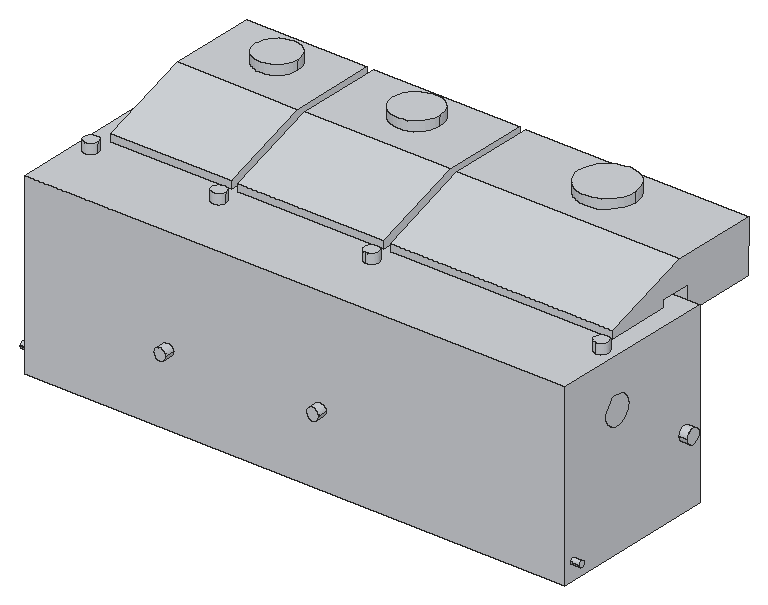
Revit family "01c89301d5b64d2e8c0e0a1eb62f3c1b", category Mechanical Equipment, Revit 2021
Family settings
  Round Connector Dimension = Use Radius
  Part Type = Normal
  OmniClass Number = 23.75.10.11.14.11
  OmniClass Title = Cast-Iron Boilers
  Seek Item ID = Gas Fired Boiler - Cast Iron - 1248-1310 MBH-0000-USA-ENU
  Work Plane-Based = No
  Always vertical = Yes
  Cut with Voids When Loaded = No
  Shared = No
  Room Calculation Point = No
Parameters (values of type "1248 MBH")
  Water Flow [instance] = 9.2 GPM
  Vent Radius 3 = 6"
  Vent Radius 2 = 5"
  Vent Radius 1 = 4 1/2"
  Vent Length 4 = 2' - 3 7/8"
  Vent Length 2 = 3' - 4 3/4"
  Vent Length 1 = 2' - 5 7/8"
  Vent Diameter 3 = Vent Radius 3 * 2  # 12"
  Vent Diameter 1 = Vent Radius 1 * 2  # 9"
  Vent Diameter 2 = Vent Radius 2 * 2  # 10"
  Temperature Rise [instance] = 60 °F
  Supply Length 3 = 4' - 1 1/8"
  Supply Length 2 = 2' - 8 5/8"
  Supply Length 1 = 2' - 3 83/256"
  Water Pressure Drop [instance] = 47.50 psi
  Output Heat [instance] = 1248000 Btu/h
  Input Heat [instance] = 1560000.0 Btu/h
  Gas Radius = 5/8"
  Gas Flow [instance] = 0.9 GPM
  Gas Diameter = Gas Radius * 2  # 1 1/4"
  Hot Water Radius = 1 1/2"
  Hot Water Diameter = Hot Water Radius * 2  # 3"
  Exhaust Air Flow [instance] = 0 CFM
  Default Elevation = 0' - 0"
  Cold Water Radius = 1 1/2"
  Cold Water Diameter = Cold Water Radius * 2  # 3"
  Drafthood Length 3 = 3' - 11 1/2"
  Drafthood Length 2 = 2' - 7 51/256"
  Drafthood Length 1 = 2' - 1 205/256"
  Boiler Material = none
  Boiler Length = 9' - 7 1/2"
  BHP [instance] = 34.97
  Hot Water Radius 2 = Hot Water Radius 1  # 1 1/2"
  Hot Water Radius 1 = 1 1/2"
  Hot Water Diameter 2 = Hot Water Radius 2 * 2  # 3"
  Hot Water Diameter 1 = Hot Water Radius 1 * 2  # 3"
  Cold Water Radius 2 = Cold Water Radius 1  # 1 1/4"
  Cold Water Radius 1 = 1 1/4"
  Cold Water Diameter 2 = Cold Water Radius 2 * 2  # 2 1/2"
  Cold Water Diameter 1 = Cold Water Radius 1 * 2  # 2 1/2"
Types (3): name | Vent Radius 1 | Vent Length 1 | Vent Diameter 1 | Supply Length 1 | Output Heat | Input Heat | Drafthood Length 1 | Boiler Length | BHP
  (no name) | 4 1/2" | 2' - 5 7/8" | 9" | 2' - 3 83/256" | 1248000 Btu/h | 1560000.0 Btu/h | 2' - 1 205/256" | 9' - 7 1/2" | 34.97
  1248 MBH | 4 1/2" | 2' - 5 7/8" | 9" | 2' - 3 83/256" | 1248000 Btu/h | 1560000.0 Btu/h | 2' - 1 205/256" | 9' - 7 1/2" | 34.97
  1310 MBH | 5" | 2' - 8 5/8" | 10" | 2' - 8 3/4" | 1310400 Btu/h | 1638000.0 Btu/h | 2' - 7 51/256" | 10' - 1" | 38.66
Reference planes (in)
  plane 1 "Center (Front/Back)": y = 0
  plane 2: z = 0
  plane 3 "Center (Left/Right)": x = 0
  plane 4: x = 115.5
  plane 5: y = 36
  plane 6: z = 38
  plane 7: z = 4
  plane 8: y = 2
  plane 9: x = -2
  plane 10: y = 31.8125
  plane 11: z = 15.375
  plane 12: x = 3.25
  plane 13: y = 13.75
  plane 14: z = 40
  plane 15: x = 30.57422
  plane 16: x = 87.625
  plane 17: z = 27.5
  plane 18: y = 14
  plane 19: y = 54.1875
  plane 20: z = 34.1875
  plane 21: z = 45.4375
  plane 22: y = 38
  plane 23: y = 31.4375
  plane 24: y = 18
  plane 25: z = 39.5
  plane 26: y = 35.75
  plane 27: y = 46.1875
  plane 28: z = 47.4375
  plane 29: x = 117.5
  plane 30: x = 63.19922
  plane 31: y = -2
  plane 32: x = 63.875
  plane 33: x = 111.375
  plane 34: x = 31.27539
  plane 35: x = 46.875
  plane 36: x = 62.47461
  plane 37: x = 4.09961
  plane 38: x = 17
  plane 39: x = 29.90039
  plane 40: x = 112.32422
Forms (in)
  Extrusion 1, solid, material <- "Boiler Material"
    sketch origin (0, 0, 0) x (1, 0, 0) y (0, 1, 0)
      loop
        line (0, 36) -> (0, 0) -> (115.5, 0) -> (115.5, 36) -> (0, 36)
    from 0 to 38
  Extrusion 2, solid, material <- "Boiler Material"
    sketch origin (0, 0, 0) x (0, 1, 0) y (0, 0, 1)
      loop
        circle (2, 4) r 0.625
    from 0 to -2
  Extrusion 3, solid, material <- "Boiler Material"
    sketch origin (0, 0, 0) x (0, 1, 0) y (0, 0, 1)
      loop
        circle (31.8125, 15.375) r 1.5
    from 0 to -2
  Extrusion 4, solid, material <- "Boiler Material"
    sketch origin (0, 0, 0) x (1, 0, 0) y (0, 1, 0)
      loop
        circle (3.25, 13.75) r 1.5
    from 38 to 40
  Extrusion 5, solid, material <- "Boiler Material"
    sketch origin (0, 0, 0) x (1, 0, 0) y (0, 1, 0)
      loop
        circle (30.57422, 13.75) r 1.5
    from 38 to 40
  Extrusion 6, solid, material <- "Boiler Material"
    sketch origin (0, 0, 0) x (0, 1, 0) y (0, 0, 1)
      loop
        circle (14, 27.5) r 3
    from 0 to 87.625
  Extrusion 7, solid, material <- "Boiler Material", detail levels fine
    sketch origin (0, 0, 0) x (0, 1, 0) y (0, 0, 1)
      loop
        line (18, 38) -> (31.4375, 38) -> (31.4375, 39.5) -> (38, 39.5) -> (38, 34.1875) -> (54.1875, 34.1875) -> (54.1875, 45.4375) -> (35.75, 45.4375) -> (18, 39.5) -> (18, 38)
    from 63.875 to 111.375
  Extrusion 8, solid, material <- "Boiler Material"
    sketch origin (0, 0, 0) x (1, 0, 0) y (0, 1, 0)
      loop
        circle (87.625, 46.1875) r 6
    from 45.4375 to 47.4375
  Extrusion 9, solid, material <- "Boiler Material"
    sketch origin (34, 0, 0) x (0, 1, 0) y (0, 0, -1)
      loop
        circle (31.8125, -15.375) r 1.5
    from -81.5 to -83.5
  Extrusion 10, solid, material <- "Boiler Material"
    sketch origin (44.75, 0, 0) x (0, 1, 0) y (0, 0, -1)
      loop
        circle (14, -27.5) r 3
    from -70.75 to -42.875
  Extrusion 11, solid, material <- "Boiler Material"
    sketch origin (0, 0, 0) x (1, 0, 0) y (0, 0, 1)
      loop
        circle (30.57422, 15.375) r 1.25
    from 0 to 2
  Extrusion 12, solid, material <- "Boiler Material"
    sketch origin (0, 57.68752, 4) x (0, 1, 0) y (-1, 0, 0)
      loop
        circle (-43.93752, -63.19922) r 1.5
    from 34 to 36
  Extrusion 13, solid, material <- "Boiler Material"
    sketch origin (84.39844, 0, 0) x (0, 1, 0) y (0, 0, -1)
      loop
        circle (2, -4) r 0.625
    from -31.10156 to -33.10156
  Extrusion 14, solid, material <- "Boiler Material", detail levels fine
    sketch origin (115.5, 0, 0) x (0, 1, 0) y (0, 0, -1)
      loop
        line (18, -38) -> (18, -39.5) -> (35.75, -45.4375) -> (54.1875, -45.4375) -> (54.1875, -34.1875) -> (38, -34.1875) -> (38, -39.5) -> (31.4375, -39.5) -> (31.4375, -38) -> (18, -38)
    from 53.02539 to 84.22461
  Extrusion 15, solid, material <- "Boiler Material"
    sketch origin (115.5, 0, 0) x (-1, 0, 0) y (0, -1, 0)
      loop
        circle (68.625, -46.1875) r 5
    from 45.4375 to 47.4375
  Extrusion 16, solid, material <- "Boiler Material", detail levels fine
    sketch origin (-55.94922, 0, 0) x (0, 1, 0) y (0, 0, 1)
      loop
        line (18, 38) -> (31.4375, 38) -> (31.4375, 39.5) -> (38, 39.5) -> (38, 34.1875) -> (54.1875, 34.1875) -> (54.1875, 45.4375) -> (35.75, 45.4375) -> (18, 39.5) -> (18, 38)
    from 60.04883 to 85.84961
  Extrusion 17, solid, material <- "Boiler Material"
    sketch origin (-55.94922, 0, 0) x (1, 0, 0) y (0, 1, 0)
      loop
        circle (72.94922, 46.1875) r 4.5
    from 45.4375 to 47.4375
  Extrusion 18, solid, material <- "Boiler Material"
    sketch origin (0, 0, 0) x (1, 0, 0) y (0, 0, 1)
      loop
        circle (63.19922, 15.375) r 1.25
    from 0 to 2
  Extrusion 19, solid, material <- "Boiler Material"
    sketch origin (0, 57.68752, 4) x (0, 1, 0) y (-1, 0, 0)
      loop
        circle (-43.93752, -112.32422) r 1.5
    from 34 to 36
  Extrusion 20, solid, material <- "Boiler Material", detail levels coarse+medium
    sketch origin (0, 57.68752, 4) x (0, 1, 0) y (-1, 0, 0)
      loop
        line (-3.50002, -4.09961) -> (-21.68752, -4.09961) -> (-21.68752, -111.375) -> (-3.50002, -111.375) -> (-3.50002, -4.09961)
    from 30.1875 to 41.4375
  Extrusion 21, solid, material <- "Boiler Material", detail levels coarse+medium
    sketch origin (0, 57.68752, 4) x (0, 1, 0) y (-1, 0, 0)
      loop
        line (-21.68752, -4.09961) -> (-39.68752, -4.09961) -> (-39.68752, -111.375) -> (-21.68752, -111.375) -> (-21.68752, -4.09961)
    from 34 to 41.4375
  Extrusion 22, solid, material <- "Boiler Material", detail levels fine
    sketch origin (0, 0, 0) x (1, 0, 0) y (0, 0, 1)
      loop
        circle (30.57422, 15.375) r 1.25
      loop
        circle (63.19922, 15.375) r 1.25
    from 0 to 2
  Extrusion 23, solid
    sketch origin (63.19922, 0, 0) x (0, 1, 0) y (0, 0, 1)
      loop
        circle (31.8125, 15.375) r 1.5
      loop
        circle (2, 4) r 0.625
    from 0 to 12
  Extrusion 24, solid, material <- "Boiler Material", detail levels fine
    sketch origin (63.19922, 0, 0) x (0, 1, 0) y (0, 0, 1)
      loop
        circle (31.8125, 15.375) r 1.5
      loop
        circle (2, 4) r 0.625
    from -65.19922 to -63.19922
  Extrusion 25, solid, material <- "Boiler Material", detail levels fine
    sketch origin (63.19922, 0, 0) x (0, 1, 0) y (0, 0, 1)
      loop
        circle (31.8125, 15.375) r 1.5
      loop
        circle (2, 4) r 0.625
    from 52.30078 to 54.30078
Cuts and joins
  joined: Extrusion 1, Extrusion 4, Extrusion 5, Extrusion 8, Extrusion 12, Extrusion 15, Extrusion 17, Extrusion 19
  joined: Extrusion 7, Extrusion 14, Extrusion 16
  joined: Extrusion 2, Extrusion 3, Extrusion 9, Extrusion 11, Extrusion 13, Extrusion 18
  joined: Extrusion 20, Extrusion 21
Lines and regions (in)
  model lines, detail levels coarse+medium
    curve 1: line (0, 2, 4) -> (-2, 2, 4)
    curve 2: line (0, 31.8125, 15.375) -> (-2, 31.8125, 15.375)
    curve 3: line (117.5, 31.8125, 15.375) -> (115.5, 31.8125, 15.375)
    curve 5: line (115.5, 2, 4) -> (117.5, 2, 4)
    curve 6: line (30.57422, 0, 15.375) -> (30.57422, -2, 15.375)
    curve 9: line (63.19922, 0, 15.375) -> (63.19922, -2, 15.375)
  model lines, detail levels coarse
    curve 4: line (87.625, 46.1875, 45.4375) -> (87.625, 46.1875, 47.4375)
    curve 7: line (46.875, 46.1875, 45.4375) -> (46.875, 46.1875, 47.4375)
    curve 8: line (17, 46.1875, 45.4375) -> (17, 46.1875, 47.4375)
  symbolic lines, detail levels fine
    curve 10: line (-2, 33.3125, 4) -> (0, 33.3125, 4)
    curve 11: line (-2, 30.3125, 4) -> (0, 30.3125, 4)
    curve 12: line (-2, 33.3125, 4) -> (-2, 30.3125, 4)
    curve 13: line (-2, 2.625, 4) -> (0, 2.625, 4)
    curve 14: line (-2, 1.375, 4) -> (0, 1.375, 4)
    curve 15: line (-2, 2.625, 4) -> (-2, 1.375, 4)
    curve 16: line (29.32422, 0, 4) -> (29.32422, -2, 4)
    curve 17: line (31.82422, 0, 4) -> (31.82422, -2, 4)
    curve 18: line (29.32422, -2, 4) -> (31.82422, -2, 4)
    curve 19: line (61.94922, 0, 4) -> (61.94922, -2, 4)
    curve 20: line (64.44922, 0, 4) -> (64.44922, -2, 4)
    curve 21: line (61.94922, -2, 4) -> (64.44922, -2, 4)
    curve 22: line (115.5, 2.625, 4) -> (117.5, 2.625, 4)
    curve 23: line (117.5, 1.375, 4) -> (115.5, 1.375, 4)
    curve 24: line (117.5, 2.625, 4) -> (117.5, 1.375, 4)
    curve 25: line (115.5, 33.3125, 4) -> (117.5, 33.3125, 4)
    curve 26: line (115.5, 30.3125, 4) -> (117.5, 30.3125, 4)
    curve 27: line (117.5, 33.3125, 4) -> (117.5, 30.3125, 4)
Dimensions and locks (in)
  locked: plane 6 to plane 2 at 38
  locked: plane 5 to plane 1 "Center (Front/Back)" at 36
  "Boiler Length": plane 4 to plane 3 "Center (Left/Right)"
  locked: plane 7 to plane 2 at 4
  locked: plane 8 to plane 1 "Center (Front/Back)" at 2
  locked: plane 3 "Center (Left/Right)" to plane 9 at 2
  locked: plane 5 to plane 10 at 4.1875
  locked: plane 11 to plane 2 at 15.375
  locked: plane 12 to plane 3 "Center (Left/Right)" at 3.25
  locked: plane 13 to plane 1 "Center (Front/Back)" at 13.75
  locked: plane 14 to plane 6 at 2
  "Supply Length 1": plane 15 to plane 12
  "Vent Length 4": plane 4 to plane 16
  locked: plane 17 to plane 2 at 27.5
  locked: plane 18 to plane 1 "Center (Front/Back)" at 14
  locked: plane 19 to plane 1 "Center (Front/Back)" at 54.1875
  locked: plane 20 to plane 2 at 34.1875
  locked: plane 21 to plane 20 at 11.25
  locked: plane 19 to plane 22 at 16.1875
  locked: plane 22 to plane 23 at 6.5625
  locked: plane 23 to plane 24 at 13.4375
  locked: plane 25 to plane 6 at 1.5
  locked: plane 26 to plane 24 at 17.75
  locked: plane 27 to plane 1 "Center (Front/Back)" at 46.1875
  locked: plane 28 to plane 21 at 2
  locked: plane 29 to plane 4 at 2
  "Supply Length 2": plane 30 to plane 15
  locked: plane 1 "Center (Front/Back)" to plane 31 at 2
  "Drafthood Length 3": plane 33 to plane 32
  equal spacing: plane 33, plane 16, plane 32
  "Drafthood Length 2": plane 36 to plane 34
  equal spacing: plane 36, plane 35, plane 34
  "Vent Length 2": plane 16 to plane 35
  "Drafthood Length 1": plane 39 to plane 37
  equal spacing: plane 39, plane 38, plane 37
  "Vent Length 1": plane 35 to plane 38
  "Supply Length 3": plane 40 to plane 30
  "Gas Radius": radius of Extrusion 2 sketch curve
  "Cold Water Radius": radius of Extrusion 3 sketch curve
  "Hot Water Radius": radius of Extrusion 4 sketch curve
  "Hot Water Radius 1": radius of Extrusion 5 sketch curve
  radius of Extrusion 6 sketch curve = 0' - 3"
  "Vent Radius 3": radius of Extrusion 8 sketch curve
  "Cold Water Radius": radius of Extrusion 9 sketch curve
  radius of Extrusion 10 sketch curve = 0' - 3"
  "Cold Water Radius 1": radius of Extrusion 11 sketch curve
  "Hot Water Radius 2": radius of Extrusion 12 sketch curve
  "Gas Radius": radius of Extrusion 13 sketch curve
  "Vent Radius 2": radius of Extrusion 15 sketch curve
  "Vent Radius 1": radius of Extrusion 17 sketch curve
  "Cold Water Radius 2": radius of Extrusion 18 sketch curve
  "Hot Water Radius": radius of Extrusion 19 sketch curve
  "Cold Water Radius 2": radius of Extrusion 22 sketch curve
  "Cold Water Radius 1": radius of Extrusion 22 sketch curve
  "Cold Water Radius": radius of Extrusion 23 sketch curve
  "Gas Radius": radius of Extrusion 23 sketch curve
  "Cold Water Radius": radius of Extrusion 24 sketch curve
  "Gas Radius": radius of Extrusion 24 sketch curve
  "Gas Radius": radius of Extrusion 25 sketch curve
  "Cold Water Radius": radius of Extrusion 25 sketch curve
  aligned and locked: Extrusion 1 to plane 5
  aligned and locked: plane 1 "Center (Front/Back)" to Extrusion 1
  aligned and locked: Extrusion 1 to plane 3 "Center (Left/Right)"
  aligned and locked: plane 4 to Extrusion 1
  aligned and locked: plane 6 to Extrusion 1
  aligned and locked: Extrusion 1 to plane 2
  aligned and locked: plane 8 to Extrusion 2 sketch curve
  aligned and locked: plane 7 to Extrusion 2 sketch curve
  aligned and locked: Extrusion 2 to plane 9
  aligned and locked: plane 3 "Center (Left/Right)" to Extrusion 2
  aligned and locked: plane 10 to Extrusion 3 sketch curve
  aligned and locked: plane 11 to Extrusion 3 sketch curve
  aligned and locked: Extrusion 3 to plane 9
  aligned and locked: plane 3 "Center (Left/Right)" to Extrusion 3
  aligned and locked: plane 13 to Extrusion 4 sketch curve
  aligned and locked: plane 12 to Extrusion 4 sketch curve
  aligned and locked: plane 14 to Extrusion 4
  aligned and locked: Extrusion 4 to plane 6
  aligned and locked: plane 15 to Extrusion 5 sketch curve
  aligned and locked: plane 13 to Extrusion 5 sketch curve
  aligned and locked: plane 14 to Extrusion 5
  aligned and locked: Extrusion 5 to plane 6
  aligned and locked: plane 18 to Extrusion 6 sketch curve
  aligned and locked: plane 17 to Extrusion 6 sketch curve
  aligned and locked: Extrusion 6 to plane 3 "Center (Left/Right)"
  aligned and locked: plane 16 to Extrusion 6
  aligned and locked: plane 21 to Extrusion 7
  aligned and locked: Extrusion 7 to plane 19
  aligned and locked: Extrusion 7 to plane 20
  aligned and locked: plane 22 to Extrusion 7
  aligned and locked: Extrusion 7 to plane 25
  aligned and locked: Extrusion 7 to plane 23
  aligned and locked: Extrusion 7 to plane 6
  aligned and locked: plane 24 to Extrusion 7
  aligned and locked: plane 16 to Extrusion 8 sketch curve
  aligned and locked: plane 27 to Extrusion 8 sketch curve
  aligned and locked: plane 21 to Extrusion 8
  aligned and locked: plane 28 to Extrusion 8
  aligned and locked: plane 29 to Extrusion 9
  aligned and locked: Extrusion 9 to plane 4
  aligned and locked: plane 10 to Extrusion 9 sketch curve
  aligned and locked: plane 11 to Extrusion 9 sketch curve
  aligned and locked: Extrusion 10 to plane 16
  aligned and locked: plane 4 to Extrusion 10
  aligned and locked: plane 18 to Extrusion 10 sketch curve
  aligned and locked: plane 17 to Extrusion 10 sketch curve
  aligned and locked: plane 3 "Center (Left/Right)" to curve 1
  aligned and locked: plane 9 to curve 1
  aligned and locked: plane 7 to curve 1
  aligned and locked: plane 3 "Center (Left/Right)" to curve 2
  aligned and locked: plane 9 to curve 2
  aligned and locked: curve 2 to plane 10
  aligned and locked: plane 4 to curve 3
  aligned and locked: plane 29 to curve 3
  aligned and locked: curve 3 to plane 10
  aligned and locked: plane 28 to curve 4
  aligned and locked: plane 16 to curve 4
  aligned and locked: plane 15 to Extrusion 11 sketch curve
  aligned and locked: plane 11 to Extrusion 11 sketch curve
  aligned and locked: plane 31 to Extrusion 11
  aligned and locked: plane 30 to Extrusion 12 sketch curve
  aligned and locked: plane 13 to Extrusion 12 sketch curve
  aligned and locked: plane 14 to Extrusion 12
  aligned and locked: Extrusion 12 to plane 6
  aligned and locked: Extrusion 13 to plane 4
  aligned and locked: plane 29 to Extrusion 13
  aligned and locked: plane 7 to Extrusion 13 sketch curve
  aligned and locked: plane 8 to Extrusion 13 sketch curve
  aligned and locked: curve 6 to plane 15
  aligned and locked: plane 31 to curve 6
  aligned and locked: plane 4 to curve 5
  aligned and locked: plane 29 to curve 5
  aligned and locked: plane 8 to curve 5
  aligned and locked: plane 33 to Extrusion 7
  aligned and locked: Extrusion 7 to plane 32
  aligned and locked: plane 36 to Extrusion 14
  aligned and locked: Extrusion 14 to plane 34
  aligned and locked: plane 35 to curve 7
  aligned and locked: plane 35 to Extrusion 15 sketch curve
  aligned and locked: plane 27 to Extrusion 15 sketch curve
  aligned and locked: plane 39 to Extrusion 16
  aligned and locked: Extrusion 16 to plane 37
  aligned and locked: plane 38 to curve 8
  aligned and locked: plane 38 to Extrusion 17 sketch curve
  aligned and locked: plane 27 to Extrusion 17 sketch curve
  aligned and locked: plane 30 to Extrusion 18 sketch curve
  aligned and locked: plane 11 to Extrusion 18 sketch curve
  aligned and locked: plane 31 to Extrusion 18
  aligned and locked: Extrusion 11 to plane 1 "Center (Front/Back)"
  aligned and locked: plane 13 to Extrusion 19 sketch curve
  aligned and locked: plane 40 to Extrusion 19 sketch curve
  aligned and locked: Extrusion 19 to plane 6
  aligned and locked: plane 14 to Extrusion 19
  aligned and locked: plane 30 to curve 9
  aligned and locked: plane 31 to curve 9
  aligned and locked: curve 9 to plane 11
  aligned and locked: curve 6 to plane 11
  aligned and locked: curve 10 to cut or joined group of Extrusion 2, Extrusion 3, Extrusion 9, Extrusion 11, Extrusion 13, Extrusion 18
  aligned and locked: cut or joined group of Extrusion 2, Extrusion 3, Extrusion 9, Extrusion 11, Extrusion 13, Extrusion 18 to curve 10
  aligned and locked: curve 11 to cut or joined group of Extrusion 2, Extrusion 3, Extrusion 9, Extrusion 11, Extrusion 13, Extrusion 18
  aligned and locked: cut or joined group of Extrusion 2, Extrusion 3, Extrusion 9, Extrusion 11, Extrusion 13, Extrusion 18 to curve 11
  aligned and locked: curve 13 to cut or joined group of Extrusion 2, Extrusion 3, Extrusion 9, Extrusion 11, Extrusion 13, Extrusion 18
  aligned and locked: cut or joined group of Extrusion 2, Extrusion 3, Extrusion 9, Extrusion 11, Extrusion 13, Extrusion 18 to curve 13
  aligned and locked: curve 14 to cut or joined group of Extrusion 2, Extrusion 3, Extrusion 9, Extrusion 11, Extrusion 13, Extrusion 18
  aligned and locked: cut or joined group of Extrusion 2, Extrusion 3, Extrusion 9, Extrusion 11, Extrusion 13, Extrusion 18 to curve 14
  aligned and locked: curve 16 to cut or joined group of Extrusion 2, Extrusion 3, Extrusion 9, Extrusion 11, Extrusion 13, Extrusion 18
  aligned and locked: cut or joined group of Extrusion 2, Extrusion 3, Extrusion 9, Extrusion 11, Extrusion 13, Extrusion 18 to curve 16
  aligned and locked: curve 17 to cut or joined group of Extrusion 2, Extrusion 3, Extrusion 9, Extrusion 11, Extrusion 13, Extrusion 18
  aligned and locked: cut or joined group of Extrusion 2, Extrusion 3, Extrusion 9, Extrusion 11, Extrusion 13, Extrusion 18 to curve 17
  aligned and locked: curve 19 to cut or joined group of Extrusion 2, Extrusion 3, Extrusion 9, Extrusion 11, Extrusion 13, Extrusion 18
  aligned and locked: cut or joined group of Extrusion 2, Extrusion 3, Extrusion 9, Extrusion 11, Extrusion 13, Extrusion 18 to curve 19
  aligned and locked: curve 20 to cut or joined group of Extrusion 2, Extrusion 3, Extrusion 9, Extrusion 11, Extrusion 13, Extrusion 18
  aligned and locked: cut or joined group of Extrusion 2, Extrusion 3, Extrusion 9, Extrusion 11, Extrusion 13, Extrusion 18 to curve 20
  aligned and locked: curve 22 to cut or joined group of Extrusion 2, Extrusion 3, Extrusion 9, Extrusion 11, Extrusion 13, Extrusion 18
  aligned and locked: cut or joined group of Extrusion 2, Extrusion 3, Extrusion 9, Extrusion 11, Extrusion 13, Extrusion 18 to curve 22
  aligned and locked: cut or joined group of Extrusion 2, Extrusion 3, Extrusion 9, Extrusion 11, Extrusion 13, Extrusion 18 to curve 23
  aligned and locked: curve 23 to cut or joined group of Extrusion 2, Extrusion 3, Extrusion 9, Extrusion 11, Extrusion 13, Extrusion 18
  aligned and locked: curve 25 to cut or joined group of Extrusion 2, Extrusion 3, Extrusion 9, Extrusion 11, Extrusion 13, Extrusion 18
  aligned and locked: cut or joined group of Extrusion 2, Extrusion 3, Extrusion 9, Extrusion 11, Extrusion 13, Extrusion 18 to curve 25
  aligned and locked: curve 26 to cut or joined group of Extrusion 2, Extrusion 3, Extrusion 9, Extrusion 11, Extrusion 13, Extrusion 18
  aligned and locked: cut or joined group of Extrusion 2, Extrusion 3, Extrusion 9, Extrusion 11, Extrusion 13, Extrusion 18 to curve 26
  aligned and locked: Extrusion 20 sketch curve to cut or joined group of Extrusion 7, Extrusion 14, Extrusion 16  (x2)
  aligned and locked: cut or joined group 1 (Extrusion 1, Extrusion 4, Extrusion 5, Extrusion 8, Extrusion 12, Extrusion 15, Extrusion 17, Extrusion 19) to Extrusion 20 sketch curve
  aligned and locked: Extrusion 20 sketch curve to plane 33
  aligned and locked: Extrusion 20 to Extrusion 21 sketch curve
  aligned and locked: Extrusion 21 sketch curve to Extrusion 20
  aligned and locked: Extrusion 21 sketch curve to cut or joined group of Extrusion 7, Extrusion 14, Extrusion 16  (x2)
  aligned and locked: Extrusion 20 to curve 4
  aligned and locked: Extrusion 20 to cut or joined group of Extrusion 7, Extrusion 14, Extrusion 16
  aligned and locked: Extrusion 21 to curve 4
  aligned and locked: Extrusion 21 to cut or joined group 1
  aligned and locked: plane 15 to Extrusion 22 sketch curve
  aligned and locked: plane 11 to Extrusion 22 sketch curve  (x2)
  aligned and locked: plane 30 to Extrusion 22 sketch curve
  aligned and locked: Extrusion 22 to plane 1 "Center (Front/Back)"
  aligned and locked: plane 31 to Extrusion 22
  aligned and locked: plane 10 to Extrusion 23 sketch curve
  aligned and locked: plane 11 to Extrusion 23 sketch curve
  aligned and locked: plane 8 to Extrusion 23 sketch curve
  aligned and locked: plane 7 to Extrusion 23 sketch curve
  aligned and locked: plane 10 to Extrusion 24 sketch curve
  aligned and locked: plane 11 to Extrusion 24 sketch curve
  aligned and locked: plane 8 to Extrusion 24 sketch curve
  aligned and locked: plane 7 to Extrusion 24 sketch curve
  aligned and locked: plane 10 to Extrusion 25 sketch curve
  aligned and locked: plane 11 to Extrusion 25 sketch curve
  aligned and locked: plane 8 to Extrusion 25 sketch curve
  aligned and locked: plane 7 to Extrusion 25 sketch curve
  aligned and locked: plane 29 to Extrusion 25
  aligned and locked: Extrusion 25 to plane 4
  aligned and locked: Extrusion 24 to plane 9
  aligned and locked: plane 3 "Center (Left/Right)" to Extrusion 24
Automatic sketch dimensions
  Extrusion 1 sketch curve to plane 1 "Center (Front/Back)" = 0' - 0"
  Extrusion 1 sketch curve to plane 3 "Center (Left/Right)" = 0' - 0"
  Extrusion 1 sketch curve to plane 4 = 0' - 0"
  Extrusion 1 sketch curve to plane 5 = 0' - 0"
  Extrusion 7 sketch curve to plane 6 = 0' - 0"
  Extrusion 7 sketch curve to plane 24 = 0' - 0"
  Extrusion 7 sketch curve to plane 23 = 0' - 0"
  Extrusion 7 sketch curve to plane 21 = 0' - 0"
  Extrusion 7 sketch curve to plane 26 = 0' - 0"
  Extrusion 7 sketch curve to plane 20 = 0' - 0"
  Extrusion 7 sketch curve to plane 22 = 0' - 0"
  Extrusion 7 sketch curve to plane 19 = 0' - 0"
  Extrusion 7 sketch curve to plane 25 = 0' - 0"  (x2)
  curve 5 to plane 4 = 0' - 0"
  curve 5 to plane 7 = 0' - 0"
  curve 5 to plane 29 = 0' - 0"
  curve 2 to plane 3 "Center (Left/Right)" = 0' - 0"
  curve 2 to plane 9 = 0' - 0"
  curve 8 to plane 21 = 0' - 0"
  curve 8 to plane 28 = 0' - 0"
  curve 7 to plane 21 = 0' - 0"
  curve 4 to plane 21 = 0' - 0"
  curve 7 to plane 28 = 0' - 0"
  curve 6 to plane 31 = 0' - 0"
  curve 6 to plane 1 "Center (Front/Back)" = 0' - 0"
  Extrusion 14 sketch curve to plane 6 = 0' - 0"
  Extrusion 14 sketch curve to plane 24 = 0' - 0"
  Extrusion 14 sketch curve to plane 23 = 0' - 0"
  Extrusion 14 sketch curve to plane 21 = 0' - 0"
  Extrusion 14 sketch curve to plane 26 = 0' - 0"
  Extrusion 14 sketch curve to plane 20 = 0' - 0"
  Extrusion 14 sketch curve to plane 22 = 0' - 0"
  Extrusion 14 sketch curve to plane 19 = 0' - 0"
  Extrusion 14 sketch curve to plane 25 = 0' - 0"  (x2)
  Extrusion 16 sketch curve to plane 6 = 0' - 0"
  Extrusion 16 sketch curve to plane 24 = 0' - 0"
  Extrusion 16 sketch curve to plane 23 = 0' - 0"
  Extrusion 16 sketch curve to plane 21 = 0' - 0"
  Extrusion 16 sketch curve to plane 26 = 0' - 0"
  Extrusion 16 sketch curve to plane 20 = 0' - 0"
  Extrusion 16 sketch curve to plane 22 = 0' - 0"
  Extrusion 16 sketch curve to plane 19 = 0' - 0"
  Extrusion 16 sketch curve to plane 25 = 0' - 0"  (x2)
  plane 31 to curve 9 = 0' - 0"
  curve 9 to plane 31 = 0' - 2"
  plane 8 to curve 15 = 0' - 0 5/8"
  plane 8 to curve 23 = 0' - 0 5/8"
  curve 22 to plane 8 = 0' - 0 5/8"
  curve 15 to plane 8 = 0' - 0 5/8"
  plane 23 to curve 11 = 0' - 1 1/8"
  plane 23 to curve 26 = 0' - 1 1/8"
  curve 25 to plane 10 = 0' - 1 1/2"
  curve 12 to plane 10 = 0' - 1 1/2"
  plane 32 to curve 20 = 0' - 0 147/256"
  curve 21 to plane 36 = 0' - 0.52539"
  plane 34 to curve 17 = 0' - 0.54883"
  curve 16 to plane 39 = 0' - 0.57617"
Connectors (in)
  piping at (3.25, 13.75, 40), diameter 3, driven by "Hot Water Radius", driven by "Water Flow", driven by "Water Pressure Drop"
    settings: on Extrusion 4, index 1, connector inside diameter 3", connector length 0' - 0", flow factor 0, pipe flow 9.2 GPM, pressure drop 47.50 psi, fitting loss kfactor 0, connector angle 0.00°, fixture units 0, engagement length 0' - 0", angle of deflection 0.00°, flow configuration 0, flow direction 2, fitting loss method 4, system type 7, joint type 0, gender type 0, connector reference index -1, connector utility 0, adjustable connector no, is connector primary yes, connector description "Hot Water Out"
  piping at (30.57422, 13.75, 40), diameter 3, driven by "Water Flow", driven by "Water Pressure Drop", driven by "Hot Water Radius 1"
    settings: on Extrusion 5, index 2, connector inside diameter 3", connector length 0' - 0", flow factor 0, pipe flow 9.2 GPM, pressure drop 47.50 psi, fitting loss kfactor 0, connector angle 0.00°, fixture units 0, engagement length 0' - 0", angle of deflection 0.00°, flow configuration 0, flow direction 2, fitting loss method 4, system type 7, joint type 0, gender type 0, connector reference index -1, connector utility 0, adjustable connector no, is connector primary no, connector description "Hot Water Out"
  piping at (63.19922, 13.75, 40), diameter 3, driven by "Water Flow", driven by "Water Pressure Drop", driven by "Hot Water Radius 2"
    settings: on Extrusion 12, index 3, connector inside diameter 3", connector length 0' - 0", flow factor 0, pipe flow 9.2 GPM, pressure drop 47.50 psi, fitting loss kfactor 0, connector angle 0.00°, fixture units 0, engagement length 0' - 0", angle of deflection 0.00°, flow configuration 0, flow direction 2, fitting loss method 4, system type 7, joint type 0, gender type 0, connector reference index -1, connector utility 0, adjustable connector no, is connector primary no, connector description "Hot Water Out"
  piping at (112.32422, 13.75, 40), diameter 3, driven by "Water Pressure Drop", driven by "Water Flow", driven by "Hot Water Radius"
    settings: on Extrusion 19, index 4, connector inside diameter 3", connector length 0' - 0", flow factor 0, pipe flow 9.2 GPM, pressure drop 47.50 psi, fitting loss kfactor 0, connector angle 0.00°, fixture units 0, engagement length 0' - 0", angle of deflection 0.00°, flow configuration 0, flow direction 2, fitting loss method 4, system type 7, joint type 0, gender type 0, connector reference index -1, connector utility 0, adjustable connector no, is connector primary no, connector description "Hot Water Out"
  piping at (-2, 31.8125, 15.375), diameter 3, driven by "Cold Water Radius", driven by "Water Flow"
    settings: on Extrusion 3, index 5, connector inside diameter 3", connector length 0' - 0", flow factor 0, pipe flow 9.2 GPM, pressure drop 0.00 psi, fitting loss kfactor 0, connector angle 0.00°, fixture units 0, engagement length 0' - 0", angle of deflection 0.00°, flow configuration 0, flow direction 1, fitting loss method 0, system type 8, joint type 0, gender type 0, connector reference index -1, connector utility 0, adjustable connector no, is connector primary no, connector description "Cold Water In"
  piping at (30.57422, -2, 15.375), diameter 2.5, driven by "Cold Water Radius 1", driven by "Water Flow"
    settings: on Extrusion 11, index 6, connector inside diameter 2 1/2", connector length 0' - 0", flow factor 0, pipe flow 9.2 GPM, pressure drop 0.00 psi, fitting loss kfactor 0, connector angle 0.00°, fixture units 0, engagement length 0' - 0", angle of deflection 0.00°, flow configuration 0, flow direction 1, fitting loss method 0, system type 8, joint type 0, gender type 0, connector reference index -1, connector utility 0, adjustable connector no, is connector primary no, connector description "Cold Water In"
  piping at (63.19922, -2, 15.375), diameter 2.5, driven by "Cold Water Radius 2", driven by "Water Flow"
    settings: on Extrusion 18, index 7, connector inside diameter 2 1/2", connector length 0' - 0", flow factor 0, pipe flow 9.2 GPM, pressure drop 0.00 psi, fitting loss kfactor 0, connector angle 0.00°, fixture units 0, engagement length 0' - 0", angle of deflection 0.00°, flow configuration 0, flow direction 1, fitting loss method 0, system type 8, joint type 0, gender type 0, connector reference index -1, connector utility 0, adjustable connector no, is connector primary no, connector description "Cold Water In"
  piping at (117.5, 31.8125, 15.375), diameter 3, driven by "Cold Water Radius", driven by "Water Flow"
    settings: on Extrusion 9, index 8, connector inside diameter 3", connector length 0' - 0", flow factor 0, pipe flow 9.2 GPM, pressure drop 0.00 psi, fitting loss kfactor 0, connector angle 0.00°, fixture units 0, engagement length 0' - 0", angle of deflection 0.00°, flow configuration 0, flow direction 1, fitting loss method 0, system type 8, joint type 0, gender type 0, connector reference index -1, connector utility 0, adjustable connector no, is connector primary no, connector description "Cold Water In"
  piping at (-2, 2, 4), diameter 1.25, driven by "Gas Radius", driven by "Gas Flow"
    settings: on Extrusion 2, index 9, connector inside diameter 1 1/4", connector length 0' - 0", flow factor 0, pipe flow 0.9 GPM, pressure drop 0.00 psi, fitting loss kfactor 0, connector angle 0.00°, fixture units 0, engagement length 0' - 0", angle of deflection 0.00°, flow configuration 1, flow direction 1, fitting loss method 0, system type 22, joint type 0, gender type 0, connector reference index -1, connector utility 0, adjustable connector no, is connector primary no, connector description "Gas In"
  piping at (117.5, 2, 4), diameter 1.25, driven by "Gas Radius", driven by "Gas Flow"
    settings: on Extrusion 13, index 10, connector inside diameter 1 1/4", connector length 0' - 0", flow factor 0, pipe flow 0.9 GPM, pressure drop 0.00 psi, fitting loss kfactor 0, connector angle 0.00°, fixture units 0, engagement length 0' - 0", angle of deflection 0.00°, flow configuration 1, flow direction 1, fitting loss method 0, system type 22, joint type 0, gender type 0, connector reference index -1, connector utility 0, adjustable connector no, is connector primary no, connector description "Gas In"
  hvac at (17, 46.1875, 47.4375), driven by "Vent Radius 1", driven by "Exhaust Air Flow"
    settings: on Extrusion 17, index 11, duct flow 0 CFM, flow factor 0, pres drop 0.00 in-wg, loss coef 0, conn angle 0.00°, conn width 12", conn height 12", conn diameter 9", duct sys type 3, conn prof type 0, flow config 1, flow direction 2, loss method 0, conn ref index -1, conn util no, is conn primary yes, conn desc ""
  hvac at (46.875, 46.1875, 47.4375), driven by "Vent Radius 2", driven by "Exhaust Air Flow"
    settings: on Extrusion 15, index 12, duct flow 0 CFM, flow factor 0, pres drop 0.00 in-wg, loss coef 0, conn angle 0.00°, conn width 12", conn height 12", conn diameter 10", duct sys type 3, conn prof type 0, flow config 1, flow direction 2, loss method 0, conn ref index -1, conn util no, is conn primary no, conn desc ""
  hvac at (87.625, 46.1875, 47.4375), driven by "Vent Radius 3", driven by "Exhaust Air Flow"
    settings: on Extrusion 8, index 13, duct flow 0 CFM, flow factor 0, pres drop 0.00 in-wg, loss coef 0, conn angle 0.00°, conn width 12", conn height 12", conn diameter 12", duct sys type 3, conn prof type 0, flow config 1, flow direction 2, loss method 0, conn ref index -1, conn util no, is conn primary no, conn desc ""
  piping at (0, 14, 27.5), diameter 1.5
    settings: on Extrusion 6, index 14, connector inside diameter 1 1/2", connector length 0' - 0", flow factor 0, pipe flow 0.0 GPM, pressure drop 0.00 psi, fitting loss kfactor 0, connector angle 0.00°, fixture units 0, engagement length 0' - 0", angle of deflection 0.00°, flow configuration 1, flow direction 2, fitting loss method 0, system type 16, joint type 0, gender type 0, connector reference index -1, connector utility 0, adjustable connector yes, is connector primary no, connector description "Drain Out"
  piping at (115.5, 14, 27.5), diameter 1.5
    settings: on Extrusion 10, index 15, connector inside diameter 1 1/2", connector length 0' - 0", flow factor 0, pipe flow 0.0 GPM, pressure drop 0.00 psi, fitting loss kfactor 0, connector angle 0.00°, fixture units 0, engagement length 0' - 0", angle of deflection 0.00°, flow configuration 1, flow direction 2, fitting loss method 0, system type 16, joint type 0, gender type 0, connector reference index -1, connector utility 0, adjustable connector yes, is connector primary no, connector description "Drain Out"
  electrical at (115.5, 18, 19)
    settings: on Extrusion 1, index 16, voltage 0 V, apparent load 0 VA, apparent load phase1 0 VA, apparent load phase2 0 VA, apparent load phase3 0 VA, power factor 1, load classification "Other", number of poles 1, system type 13, power factor state 1, is connector primary yes, connector utility no, sub classification motor no, connector description ""
